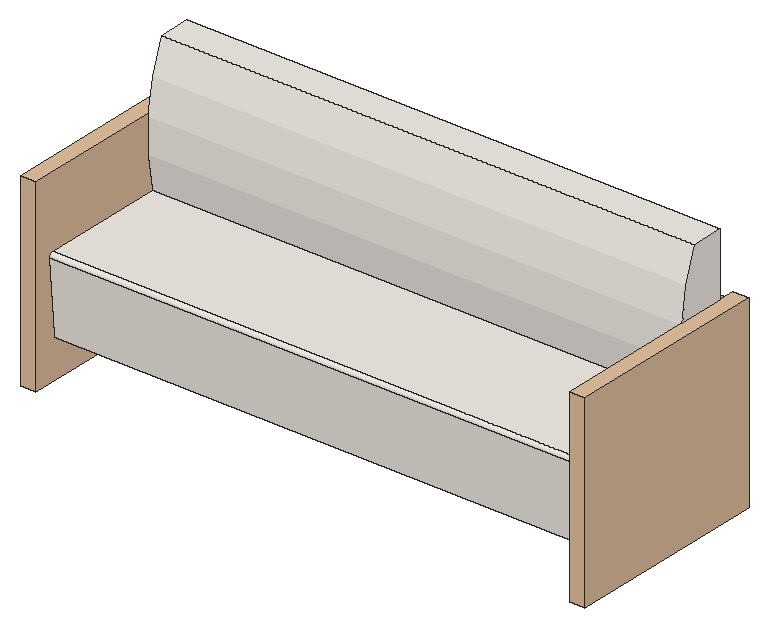
Revit family
Parameters (values of type "1830mm")
  폭 = 1830.00 mm
  좌석 재료 = 직물 - 리넨, 부드러운
  프레임 재료 = 목재 - 벚나무
Types (3, lengths in mm): name | 폭
  (no name) | 1830.00
  1830mm | 1830.00
  1372mm | 1372.00
Reference planes
  plane 1 "중심(앞/뒤)": y = 146.154
  plane 2: z = 0
  plane 3 "중심(왼쪽/오른쪽)": x = 70.37
  plane 4: y = 476.354
  plane 5: y = -184.046
  plane 6: x = 985.37
  plane 7: x = -844.63
  plane 8: z = 812.8
  plane 9: x = -793.83
  plane 10: x = 934.57
Forms (mm)
  Extrusion 1, solid, material "목재 - 벚나무" <- "프레임 재료"
    sketch origin (0, 0, 0) x (1, 0, 0) y (0, 1, 0)
      loop
        line (-844.63, 476.354) -> (-844.63, -184.046) -> (-793.83, -184.046) -> (-793.83, 476.354) -> (-844.63, 476.354)
      loop
        line (934.57, 476.354) -> (934.57, -184.046) -> (985.37, -184.046) -> (985.37, 476.354) -> (934.57, 476.354)
    from 0 to 609.6
  Extrusion 2, solid, material "직물 - 리넨, 부드러운" <- "좌석 재료"
    sketch origin (985.37, 0, 0) x (0, -1, 0) y (0, 0, 1)
      loop
        line (119.386, 381) -> (-286.176, 381)
        arc (-286.176, 381) -> (-268.63, 600.088) -> (-323.954, 812.8) r 660.4
        line (-323.954, 812.8) -> (-425.554, 812.8) -> (-425.554, 127.967) -> (111.108, 127.967) -> (132.038, 367.193)
        arc (132.038, 367.193) -> (128.75, 376.88) -> (119.386, 381) r 12.7
    from 50.8 to 1779.2
  Extrusion 3, solid, material "목재 - 벚나무" <- "프레임 재료"
    sketch origin (985.37, 0, 0) x (0, -1, 0) y (0, 0, 1)
      loop
        line (-476.354, 584.2) -> (-476.354, 457.2) -> (-425.554, 457.2) -> (-425.554, 584.2) -> (-476.354, 584.2)
      loop
        line (-476.354, 393.7) -> (-476.354, 266.7) -> (-425.554, 266.7) -> (-425.554, 393.7) -> (-476.354, 393.7)
      loop
        line (-476.354, 203.2) -> (-476.354, 76.2) -> (-425.554, 76.2) -> (-425.554, 203.2) -> (-476.354, 203.2)
    from 50.8 to 1779.2
Lines and regions (mm)
  Masking region 1
    outline origin (0, 0, 0) x (1, 0, 0) y (0, 1, 0)
      loop
        line (-793.83, -132.038) -> (934.57, -132.038) -> (934.57, -184.046) -> (985.37, -184.046) -> (985.37, 476.354) -> (-844.63, 476.354) -> (-844.63, -184.046) -> (-793.83, -184.046) -> (-793.83, -132.038)
  symbolic lines
    curve 1: line (-793.83, 476.354, 0) -> (934.57, 476.354, 0)
    curve 2: line (-793.83, 425.554, 0) -> (-793.83, 476.354, 0)
    curve 3: line (934.57, 425.554, 0) -> (-793.83, 425.554, 0)
    curve 4: line (934.57, 476.354, 0) -> (934.57, 425.554, 0)
    curve 5: line (985.37, -184.046, 0) -> (934.57, -184.046, 0)
    curve 6: line (985.37, 476.354, 0) -> (985.37, -184.046, 0)
    curve 7: line (934.57, 476.354, 0) -> (985.37, 476.354, 0)
    curve 8: line (934.57, -184.046, 0) -> (934.57, 476.354, 0)
    curve 9: line (-793.83, -184.046, 0) -> (-844.63, -184.046, 0)
    curve 10: line (-793.83, 476.354, 0) -> (-793.83, -184.046, 0)
    curve 11: line (-844.63, 476.354, 0) -> (-793.83, 476.354, 0)
    curve 12: line (-844.63, -184.046, 0) -> (-844.63, 476.354, 0)
    curve 13: line (-793.83, -132.038, 0) -> (934.57, -132.038, 0)
    curve 14: line (934.57, 323.954, 0) -> (-793.83, 323.954, 0)
Dimensions and locks
  equal spacing: plane 7, plane 3 "중심(왼쪽/오른쪽)", plane 6
  equal spacing: plane 5, plane 1 "중심(앞/뒤)", plane 4
  "폭": plane 7 to plane 6
  locked: plane 7 to plane 9 at 50.8
  locked: plane 10 to plane 6 at 50.8
  aligned and locked: Extrusion 2 to Extrusion 1  (x2)
  aligned and locked: Extrusion 2 to Extrusion 3
  aligned and locked: plane 9 to Extrusion 2
  aligned and locked: Extrusion 1 to plane 9
  aligned and locked: Extrusion 2 to plane 10
  aligned and locked: plane 10 to Extrusion 1
Automatic sketch dimensions
  Extrusion 2 sketch curve to plane 8 = 0.00 mm
  Extrusion 2 sketch curve to plane 4 = 450.163 mm
  plane 4 to Extrusion 2 sketch curve = 50.80 mm
  Extrusion 2 sketch curve to Extrusion 2 sketch curve = 101.60 mm
  Extrusion 2 sketch curve to plane 1 "중심(앞/뒤)" = 140.022 mm
  Extrusion 2 sketch curve to plane 5 = 72.938 mm
  Extrusion 2 sketch curve to plane 5 = 64.66 mm
  Extrusion 2 sketch curve to Extrusion 2 sketch curve = 12.652 mm
  level to Extrusion 2 sketch curve = 542.53 mm
  Extrusion 2 sketch curve to Extrusion 2 sketch curve = 12.70 mm
  level to Extrusion 2 sketch curve = 127.967 mm
  Extrusion 3 sketch curve to plane 4 = 0.00 mm  (x3)
  plane 4 to Extrusion 3 sketch curve = 50.80 mm  (x3)
  level to Extrusion 3 sketch curve = 76.20 mm
  Extrusion 3 sketch curve to Extrusion 3 sketch curve = 127.00 mm  (x3)
  Extrusion 3 sketch curve to Extrusion 3 sketch curve = 63.50 mm  (x2)
  curve 12 to plane 5 = 0.00 mm
  curve 12 to plane 7 = 0.00 mm
  curve 11 to plane 4 = 0.00 mm
  curve 5 to plane 5 = 0.00 mm
  curve 6 to plane 6 = 0.00 mm
  curve 3 to plane 7 = 50.80 mm
  plane 6 to curve 4 = 50.80 mm
  curve 5 to curve 13 = 52.008 mm
  curve 14 to curve 1 = 152.40 mm
  curve 3 to curve 1 = 50.80 mm
  Extrusion 1 sketch curve to plane 5 = 0.00 mm  (x2)
  Extrusion 1 sketch curve to plane 7 = 0.00 mm
  Extrusion 1 sketch curve to plane 4 = 0.00 mm  (x2)
  Extrusion 1 sketch curve to plane 6 = 0.00 mm
  Extrusion 1 sketch curve to Extrusion 1 sketch curve = 50.80 mm
  plane 6 to Extrusion 1 sketch curve = 50.80 mm
  Masking region 1 sketch curve to plane 4 = 0.00 mm
  Masking region 1 sketch curve to plane 7 = 0.00 mm
  Masking region 1 sketch curve to plane 5 = 0.00 mm  (x2)
  Masking region 1 sketch curve to plane 6 = 0.00 mm
  Masking region 1 sketch curve to plane 7 = 50.80 mm
  plane 6 to Masking region 1 sketch curve = 50.80 mm
  Masking region 1 sketch curve to Masking region 1 sketch curve = 52.008 mm
